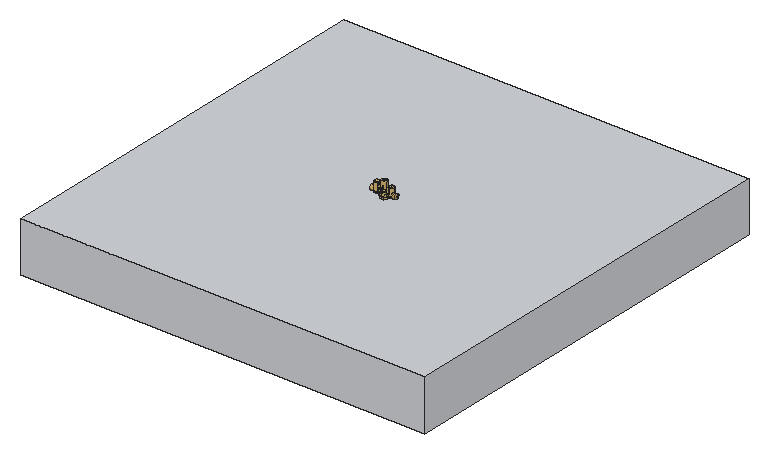
Revit family
Parameters (values of type "ST7069")
  Waste Connection = no
  WFU = 0
  Voltage = 0
  Vent Connection = no
  URL = "http://www.acorneng.com/"
  Type Comments = ""
  Tempered Water Connection = yes
  ST7069 - Brass Valve Body With 1/2” NPT Connections = yes
  Revised Date = "21/04/14"
  Phone# = "626-336-4561"
  OTG - Outlet Temperature Gauge = no
  Model = "ST7069"
  Material = Brass
  Manufacturer = "Acorn Engineering Company"
  HWFU = 0
  HW Connection = yes
  Designed By = "Allied Technical Services"  # constant formula
  Description = "ST7069 Brass Valve Body With 1/2” NPT Connections"
  Default Elevation = 0"
  CWFU = 0
  CW Connection = yes
  BVS - Ball Valve Shut-Off, Ball Valves Shipped Loose = no
  Assembly Code = "D2020300"
  Amperage = 0
Reference planes (in)
  plane 1 "Center (Front/Back)": y = 0
  plane 2: z = 0
  plane 3 "Center (Left/Right)": x = 0
  plane 4: z = 3.98339
  plane 5: z = 1.48339
  plane 6: z = 0.10839
  plane 7: x = -2.91256
  plane 8: x = 2.83744
Forms (in)
  Extrusion 1, solid
    sketch origin (0, 0, 0) x (1, 0, 0) y (0, 1, 0)
      loop
        line (-48, 48) -> (-48, -48) -> (48, -48) -> (48, 48) -> (-48, 48)
    from 0 to -12
  Revolve 2, solid, material "Brass" <- "Material"
    sketch origin (0, 0, -0.52571) x (1, 0, 0) y (0, 0, 1)
      loop
        line (-0.25, 4.50911) -> (-0.57785, 4.50911) -> (-0.57785, 2.85612) -> (-0.57785, 2.82521)
        arc (-0.57785, 2.82521) -> (-0.60445, 2.76097) -> (-0.66869, 2.73436) r 0.09084
        line (-0.66869, 2.73436) -> (-0.69989, 2.73436)
        arc (-0.69989, 2.73436) -> (-0.74, 2.71775) -> (-0.75661, 2.67765) r 0.05672
        line (-0.75661, 2.67765) -> (-0.75661, 2.55407)
        arc (-0.75661, 2.55407) -> (-0.76563, 2.5323) -> (-0.7874, 2.52329) r 0.03078
        line (-0.7874, 2.52329) -> (-0.91086, 2.52329)
        arc (-0.91086, 2.52329) -> (-0.97389, 2.49718) -> (-1, 2.43415) r 0.08914
        line (-1, 2.43415) -> (-1, 1.52269)
        arc (-1, 1.52269) -> (-0.991, 1.50095) -> (-0.96927, 1.49195) r 0.03073
        line (-0.96927, 1.49195) -> (-0.85434, 1.49195)
        arc (-0.85434, 1.49195) -> (-0.82215, 1.47862) -> (-0.80882, 1.44644) r 0.04552
        line (-0.80882, 1.44644) -> (-0.80882, 1.36817) -> (-0.33174, 1.36817) -> (-0.33174, 0.66484) -> (-0.30101, 0.63411) -> (-0.11626, 0.63411) -> (-0.11626, 0.52571) -> (0, 0.52571) -> (0, 2.88429) -> (-0.25, 2.88429) -> (-0.25, 4.50911)
      axis (0, 4.50911) -> (0, 0.52571)
    angle from 0 to 360
  Revolve 3, solid, material "Brass" <- "Material"
    sketch origin (0, 0, -0.52571) x (1, 0, 0) y (0, 0, 1)
      loop
        line (-2.91256, 2.56672) -> (-2.91256, 2.25911) -> (-2.41256, 2.25911) -> (-2.41256, 2.00911) -> (2.41256, 2.00911) -> (2.41256, 2.25911) -> (2.91256, 2.25911) -> (2.91256, 2.56672) -> (-2.91256, 2.56672)
      axis (-2.91256, 2.00911) -> (2.91256, 2.00911)
    angle from 0 to 360
  Extrusion 4, solid, material "Brass" <- "Material"
    sketch origin (0, 0, -0.52571) x (1, 0, 0) y (0, 0, 1)
      loop
        line (-1.46765, 3.47825) -> (-1.46765, 2.00911) -> (-1.11297, 2.00911)
        arc (-1.11297, 2.00911) -> (-1.05839, 1.9865) -> (-1.03578, 1.93191) r 0.0772
        line (-1.03578, 1.93191) -> (-1.03578, 1.55157)
        arc (-1.03578, 1.55157) -> (-1.01835, 1.50949) -> (-0.97627, 1.49207) r 0.0595
        line (-0.97627, 1.49207) -> (0.97627, 1.49207)
        arc (0.97627, 1.49207) -> (1.01835, 1.50949) -> (1.03578, 1.55157) r 0.0595
        line (1.03578, 1.55157) -> (1.03578, 1.93191)
        arc (1.03578, 1.93191) -> (1.05839, 1.9865) -> (1.11297, 2.00911) r 0.0772
        line (1.11297, 2.00911) -> (1.46765, 2.00911) -> (1.46765, 3.47825) -> (1.16176, 3.47825) -> (1.16176, 3.44628)
        arc (1.16176, 3.44628) -> (1.15338, 3.42606) -> (1.13315, 3.41768) r 0.02861
        line (1.13315, 3.41768) -> (1.09049, 3.41768)
        arc (1.09049, 3.41768) -> (1.0518, 3.40165) -> (1.03578, 3.36296) r 0.05472
        line (1.03578, 3.36296) -> (1.03578, 2.63752)
        arc (1.03578, 2.63752) -> (1.01492, 2.58716) -> (0.96456, 2.5663) r 0.07121
        line (0.96456, 2.5663) -> (-0.96456, 2.5663)
        arc (-0.96456, 2.5663) -> (-1.01492, 2.58716) -> (-1.03578, 2.63752) r 0.07121
        line (-1.03578, 2.63752) -> (-1.03578, 3.36296)
        arc (-1.03578, 3.36296) -> (-1.0518, 3.40165) -> (-1.09049, 3.41768) r 0.05472
        line (-1.09049, 3.41768) -> (-1.13315, 3.41768)
        arc (-1.13315, 3.41768) -> (-1.15338, 3.42606) -> (-1.16176, 3.44628) r 0.02861
        line (-1.16176, 3.44628) -> (-1.16176, 3.47825) -> (-1.46765, 3.47825)
    from 0.49045 to -0.49234
  Revolve 5, solid, material "Brass" <- "Material"
    sketch origin (0, 0, -0.52571) x (1, 0, 0) y (0, 0, 1)
      loop
        line (-1.7722, 3.54346) -> (-2.41213, 3.54346) -> (-2.41213, 1.71655)
        arc (-2.41213, 1.71655) -> (-2.33891, 1.53978) -> (-2.16213, 1.46655) r 0.25
        line (-2.16213, 1.46655) -> (-1.7722, 1.46655) -> (-1.7722, 3.54346)
      axis (-1.7722, 3.54346) -> (-1.7722, 1.46655)
    angle from 0 to 360
  Revolve 6, solid, material "Brass" <- "Material"
    sketch origin (0, 0, -0.52571) x (-1, 0, 0) y (0, 0, -1)
      loop
        line (-1.7722, -3.54346) -> (-1.7722, -1.46655) -> (-2.16213, -1.46655)
        arc (-2.16213, -1.46655) -> (-2.33891, -1.53978) -> (-2.41213, -1.71655) r 0.25
        line (-2.41213, -1.71655) -> (-2.41213, -3.54346) -> (-1.7722, -3.54346)
      axis (-1.7722, -3.54346) -> (-1.7722, -1.46655)
    angle from 0 to 360
  Extrusion 7, void
    sketch origin (0, 0, -0.52571) x (-1, 0, 0) y (0, 0, 1)
      loop
        line (2.46387, 2.93684) -> (2.28677, 2.93684)
        arc (2.28677, 2.93684) -> (2.25001, 2.92161) -> (2.23479, 2.88485) r 0.05199
        line (2.23479, 2.88485) -> (2.23479, 2.60776)
        arc (2.23479, 2.60776) -> (2.24697, 2.57834) -> (2.2764, 2.56615) r 0.04161
        line (2.2764, 2.56615) -> (2.46387, 2.56615) -> (2.46387, 2.93684)
      loop
        line (-2.46387, 2.93684) -> (-2.46387, 2.56615) -> (-2.2764, 2.56615)
        arc (-2.2764, 2.56615) -> (-2.24697, 2.57834) -> (-2.23479, 2.60776) r 0.04161
        line (-2.23479, 2.60776) -> (-2.23479, 2.88485)
        arc (-2.23479, 2.88485) -> (-2.25001, 2.92161) -> (-2.28677, 2.93684) r 0.05199
        line (-2.28677, 2.93684) -> (-2.46387, 2.93684)
    from -0.66009 to 0.89635
  Extrusion 8, void
    sketch origin (0, 0, -0.52571) x (-1, 0, 0) y (0, 0, 1)
      loop
        line (1.39614, 1.44378) -> (1.39614, 1.92749)
        arc (1.39614, 1.92749) -> (1.37224, 1.9852) -> (1.31453, 2.00911) r 0.08162
        line (1.31453, 2.00911) -> (1.12498, 2.00911)
        arc (1.12498, 2.00911) -> (1.0619, 1.98298) -> (1.03578, 1.9199) r 0.0892
        line (1.03578, 1.9199) -> (1.03578, 1.48966)
        arc (1.03578, 1.48966) -> (1.02234, 1.45721) -> (0.98989, 1.44378) r 0.04588
        line (0.98989, 1.44378) -> (1.39614, 1.44378)
    from 0.61898 to -0.6207
  Extrusion 9, solid, material "Brass" <- "Material"
    sketch origin (0, 0, -0.52571) x (1, 0, 0) y (0, 1, 0)
      loop
        line (-1.5222, 0.43301) -> (-2.0222, 0.43301) -> (-2.2722, 0) -> (-2.0222, -0.43301) -> (-1.5222, -0.43301) -> (-1.2722, 0) -> (-1.5222, 0.43301)
      loop
        line (1.5222, 0.43301) -> (1.2722, 0) -> (1.5222, -0.43301) -> (2.0222, -0.43301) -> (2.2722, 0) -> (2.0222, 0.43301) -> (1.5222, 0.43301)
    from 3.54346 to 3.73472
  Extrusion 10, solid, material "Brass" <- "Material"
    sketch origin (0, 0, -0.52571) x (1, 0, 0) y (0, 1, 0)
      loop
        line (0.85077, 0) -> (0.42538, 0.73679) -> (-0.42538, 0.73679) -> (-0.85077, 0) -> (-0.42538, -0.73679) -> (0.42538, -0.73679) -> (0.85077, 0)
    from 0.82729 to 1.36817
Cuts and joins
  Extrusion 7 cuts Revolve 2
  Extrusion 7 cuts Extrusion 4
  Extrusion 7, Extrusion 8 cuts Revolve 5
  Extrusion 7 cuts Revolve 6
  Extrusion 8 cuts Revolve 3
Dimensions and locks (in)
  aligned and locked: plane 2 to Extrusion 1
  aligned and locked: level to Extrusion 1
Connectors (in)
  piping at (0, 0, 3.98339)
    settings: on cut or joined group of Revolve 2, Extrusion 7, index 1
  piping at (-2.91256, 0, 1.48339)
    settings: on cut or joined group of Revolve 3, Extrusion 8, index 2
  piping at (2.91256, 0, 1.48339)
    settings: on cut or joined group of Revolve 3, Extrusion 8, index 3
